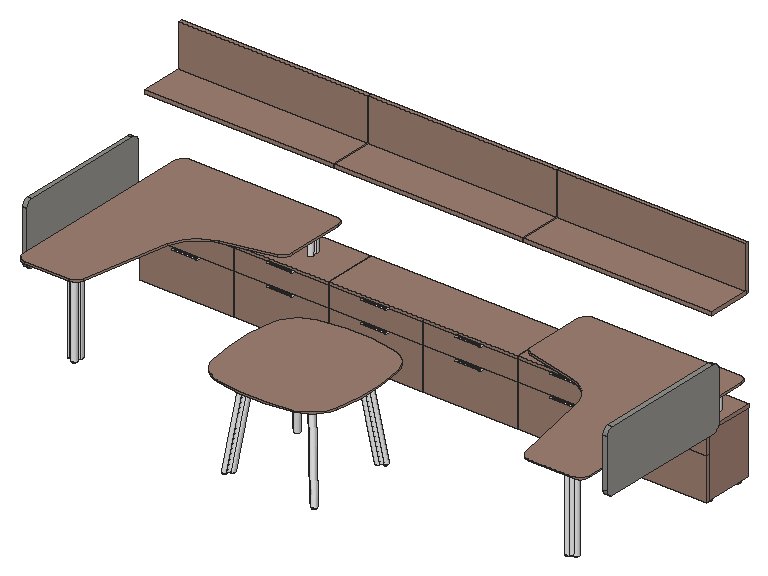
Revit family "T100136", category Furniture, Revit 2022 (continued)
Definition of nested family "APTOS SWEEP ELEVATED RUNOFF WORKSURFACE LEFT - WOOD TOP for 18D Cabinets"
  Forms (in)
    Extrusion 1, solid, material <- "Table Material", visible <- "34-6646SWTEL"
      sketch origin (0, 0, 0) x (1, 0, 0) y (0, 1, 0)
        loop
          arc (-9.01253, -3.32799) -> (-10.06759, -1.65301) -> (-11.93633, -0.99989) r 3
      from 28.3125 to 29.5
    Sweep 2, void
      path in 3D
        loop
          arc (32.9997, -44.00011, 28.3125) -> (32.12102, -46.12143, 28.3125) -> (29.9997, -47.00011, 28.3125) r 3
          line (29.9997, -47.00011, 28.3125) -> (-30, -47.00011, 28.3125)
          arc (-30, -47.00011, 28.3125) -> (-32.12132, -46.12143, 28.3125) -> (-33, -44.00011, 28.3125) r 3
          line (-33, -44.00011, 28.3125) -> (-33, -3.99989, 28.3125)
          arc (-33, -3.99989, 28.3125) -> (-32.12132, -1.87857, 28.3125) -> (-30, -0.99989, 28.3125) r 3
          line (-30, -0.99989, 28.3125) -> (-11.93633, -0.99989, 28.3125)
          arc (-11.93633, -0.99989, 28.3125) -> (-10.06759, -1.65301, 28.3125) -> (-9.01253, -3.32799, 28.3125) r 3
          line (-9.01253, -3.32799, 28.3125) -> (-6.80757, -12.92304, 28.3125)
          arc (-6.80757, -12.92304, 28.3125) -> (-3.42015, -18.89464, 28.3125) -> (2.68659, -22.03188, 28.3125) r 12
          line (2.68659, -22.03188, 28.3125) -> (30.54995, -27.2307, 28.3125)
          arc (30.54995, -27.2307, 28.3125) -> (32.30738, -28.26287, 28.3125) -> (32.9997, -30.1798, 28.3125) r 3
          line (32.9997, -30.1798, 28.3125) -> (32.9997, -44.00011, 28.3125)
      profile origin (32.9997, -37.08996, 28.3125) x (-1, 0, 0) y (0, 0, -1)
        loop
          line (0, 0) -> (0, -0.6875) -> (2, 0) -> (0, 0)
    Extrusion 3, solid, material <- "Table Material", visible <- "34-6646SWTEL", not visible
      sketch origin (0, 0, 0) x (1, 0, 0) y (0, 1, 0)
        loop
          line (-11.93633, -0.99989) -> (-30, -0.99989)
          arc (-30, -0.99989) -> (-32.12132, -1.87857) -> (-33, -3.99989) r 3
          line (-33, -3.99989) -> (-33, -44.00011)
          arc (-33, -44.00011) -> (-32.12132, -46.12143) -> (-30, -47.00011) r 3
          line (-30, -47.00011) -> (29.9997, -47.00011)
          arc (29.9997, -47.00011) -> (32.12102, -46.12143) -> (32.9997, -44.00011) r 3
          line (32.9997, -44.00011) -> (32.9997, -30.1798)
          arc (32.9997, -30.1798) -> (32.30738, -28.26287) -> (30.54995, -27.2307) r 3
          line (30.54995, -27.2307) -> (2.68659, -22.03188)
          arc (2.68659, -22.03188) -> (-3.42015, -18.89464) -> (-6.80757, -12.92304) r 12
          line (-6.80757, -12.92304) -> (-9.01253, -3.32799)
          arc (-9.01253, -3.32799) -> (-10.06759, -1.65301) -> (-11.93633, -0.99989) r 3
      from 28.3125 to 29.5
    Sweep 4, void, not visible
      path in 3D
        loop
          arc (32.9997, -44.00011, 28.3125) -> (32.12102, -46.12143, 28.3125) -> (29.9997, -47.00011, 28.3125) r 3
          line (29.9997, -47.00011, 28.3125) -> (-30, -47.00011, 28.3125)
          arc (-30, -47.00011, 28.3125) -> (-32.12132, -46.12143, 28.3125) -> (-33, -44.00011, 28.3125) r 3
          line (-33, -44.00011, 28.3125) -> (-33, -3.99989, 28.3125)
          arc (-33, -3.99989, 28.3125) -> (-32.12132, -1.87857, 28.3125) -> (-30, -0.99989, 28.3125) r 3
          line (-30, -0.99989, 28.3125) -> (-11.93633, -0.99989, 28.3125)
          arc (-11.93633, -0.99989, 28.3125) -> (-10.06759, -1.65301, 28.3125) -> (-9.01253, -3.32799, 28.3125) r 3
          line (-9.01253, -3.32799, 28.3125) -> (-6.80757, -12.92304, 28.3125)
          arc (-6.80757, -12.92304, 28.3125) -> (-3.42015, -18.89464, 28.3125) -> (2.68659, -22.03188, 28.3125) r 12
          line (2.68659, -22.03188, 28.3125) -> (30.54995, -27.2307, 28.3125)
          arc (30.54995, -27.2307, 28.3125) -> (32.30738, -28.26287, 28.3125) -> (32.9997, -30.1798, 28.3125) r 3
          line (32.9997, -30.1798, 28.3125) -> (32.9997, -44.00011, 28.3125)
      profile origin (32.9997, -37.08996, 28.3125) x (-1, 0, 0) y (0, 0, -1)
        loop
          line (0, 0) -> (0, -0.6875) -> (2, 0) -> (0, 0)
    Extrusion 5, solid, material <- "Table Material", visible <- "34-6652SWTEL"
      sketch origin (0, 0, 0) x (1, 0, 0) y (0, 1, 0)
        loop
          line (-33, -0.99989) -> (-33, -47.00011)
          arc (-33, -47.00011) -> (-32.12132, -49.12143) -> (-30, -50.00011) r 3
          line (-30, -50.00011) -> (29.9997, -50.00011)
          arc (29.9997, -50.00011) -> (32.12102, -49.12143) -> (32.9997, -47.00011) r 3
          line (32.9997, -47.00011) -> (32.9997, -33.1816)
          arc (32.9997, -33.1816) -> (32.31741, -31.27682) -> (30.58089, -30.23844) r 3
          line (30.58089, -30.23844) -> (4.0634, -25.00205)
          arc (4.0634, -25.00205) -> (-1.93262, -21.87607) -> (-5.28656, -16.00453) r 12
          line (-5.28656, -16.00453) -> (-9.01817, -0.3061)
          arc (-9.01817, -0.3061) -> (-10.07692, 1.35398) -> (-11.93684, 2.00011) r 3
          line (-11.93684, 2.00011) -> (-30, 2.00011)
          arc (-30, 2.00011) -> (-32.12132, 1.12143) -> (-33, -0.99989) r 3
      from 28.3125 to 29.5
    Sweep 6, void
      path in 3D
        loop
          arc (-30, 2.00011, 29.5) -> (-32.12132, 1.12143, 29.5) -> (-33, -0.99989, 29.5) r 3
          line (-33, -0.99989, 29.5) -> (-33, -47.00011, 29.5)
          arc (-33, -47.00011, 29.5) -> (-32.12132, -49.12143, 29.5) -> (-30, -50.00011, 29.5) r 3
          line (-30, -50.00011, 29.5) -> (29.9997, -50.00011, 29.5)
          arc (29.9997, -50.00011, 29.5) -> (32.12102, -49.12143, 29.5) -> (32.9997, -47.00011, 29.5) r 3
          line (32.9997, -47.00011, 29.5) -> (32.9997, -33.1816, 29.5)
          arc (32.9997, -33.1816, 29.5) -> (32.31741, -31.27682, 29.5) -> (30.58089, -30.23844, 29.5) r 3
          line (30.58089, -30.23844, 29.5) -> (4.0634, -25.00205, 29.5)
          arc (4.0634, -25.00205, 29.5) -> (-1.93262, -21.87607, 29.5) -> (-5.28656, -16.00453, 29.5) r 12
          line (-5.28656, -16.00453, 29.5) -> (-9.01817, -0.3061, 29.5)
          arc (-9.01817, -0.3061, 29.5) -> (-10.07692, 1.35398, 29.5) -> (-11.93684, 2.00011, 29.5) r 3
          line (-11.93684, 2.00011, 29.5) -> (-30, 2.00011, 29.5)
      profile origin (-20.96842, 2.00011, 29.5) x (0, -1, 0) y (0, 0, 1)
        loop
          line (0, -1.1875) -> (2, -1.1875) -> (0, -0.5) -> (0, -1.1875)
    Extrusion 7, solid, material <- "Table Material", visible <- "34-6652SWTEL", not visible
      sketch origin (0, 0, 0) x (1, 0, 0) y (0, 1, 0)
        loop
          line (-33, -0.99989) -> (-33, -47.00011)
          arc (-33, -47.00011) -> (-32.12132, -49.12143) -> (-30, -50.00011) r 3
          line (-30, -50.00011) -> (29.9997, -50.00011)
          arc (29.9997, -50.00011) -> (32.12102, -49.12143) -> (32.9997, -47.00011) r 3
          line (32.9997, -47.00011) -> (32.9997, -33.1816)
          arc (32.9997, -33.1816) -> (32.31741, -31.27682) -> (30.58089, -30.23844) r 3
          line (30.58089, -30.23844) -> (4.0634, -25.00205)
          arc (4.0634, -25.00205) -> (-1.93262, -21.87607) -> (-5.28656, -16.00453) r 12
          line (-5.28656, -16.00453) -> (-9.01817, -0.3061)
          arc (-9.01817, -0.3061) -> (-10.07692, 1.35398) -> (-11.93684, 2.00011) r 3
          line (-11.93684, 2.00011) -> (-30, 2.00011)
          arc (-30, 2.00011) -> (-32.12132, 1.12143) -> (-33, -0.99989) r 3
      from 28.3125 to 29.5
    Sweep 8, void, not visible
      path in 3D
        loop
          arc (-30, 2.00011, 29.5) -> (-32.12132, 1.12143, 29.5) -> (-33, -0.99989, 29.5) r 3
          line (-33, -0.99989, 29.5) -> (-33, -47.00011, 29.5)
          arc (-33, -47.00011, 29.5) -> (-32.12132, -49.12143, 29.5) -> (-30, -50.00011, 29.5) r 3
          line (-30, -50.00011, 29.5) -> (29.9997, -50.00011, 29.5)
          arc (29.9997, -50.00011, 29.5) -> (32.12102, -49.12143, 29.5) -> (32.9997, -47.00011, 29.5) r 3
          line (32.9997, -47.00011, 29.5) -> (32.9997, -33.1816, 29.5)
          arc (32.9997, -33.1816, 29.5) -> (32.31741, -31.27682, 29.5) -> (30.58089, -30.23844, 29.5) r 3
          line (30.58089, -30.23844, 29.5) -> (4.0634, -25.00205, 29.5)
          arc (4.0634, -25.00205, 29.5) -> (-1.93262, -21.87607, 29.5) -> (-5.28656, -16.00453, 29.5) r 12
          line (-5.28656, -16.00453, 29.5) -> (-9.01817, -0.3061, 29.5)
          arc (-9.01817, -0.3061, 29.5) -> (-10.07692, 1.35398, 29.5) -> (-11.93684, 2.00011, 29.5) r 3
          line (-11.93684, 2.00011, 29.5) -> (-30, 2.00011, 29.5)
      profile origin (-20.96842, 2.00011, 29.5) x (0, -1, 0) y (0, 0, 1)
        loop
          line (0, -1.1875) -> (2, -1.1875) -> (0, -0.5) -> (0, -1.1875)
    Extrusion 9, solid, material <- "Table Material", visible <- "34-6658SWTEL"
      sketch origin (0, 0, 0) x (1, 0, 0) y (0, 1, 0)
        loop
          line (-5.38443, -15.56872) -> (-8.99356, 2.58509)
          arc (-8.99356, 2.58509) -> (-10.03268, 4.31905) -> (-11.93598, 5.00011) r 3
          line (-11.93598, 5.00011) -> (-30, 5.00011)
          arc (-30, 5.00011) -> (-32.12132, 4.12143) -> (-33, 2.00011) r 3
          line (-33, 2.00011) -> (-33, -50.00011)
          arc (-33, -50.00011) -> (-32.12132, -52.12143) -> (-30, -53.00011) r 3
          line (-30, -53.00011) -> (29.9997, -53.00011)
          arc (29.9997, -53.00011) -> (32.12102, -52.12143) -> (32.9997, -50.00011) r 3
          line (32.9997, -50.00011) -> (32.9997, -33.1816)
          arc (32.9997, -33.1816) -> (32.31741, -31.27682) -> (30.58089, -30.23844) r 3
          line (30.58089, -30.23844) -> (4.06049, -25.00147)
          arc (4.06049, -25.00147) -> (-2.09458, -21.71956) -> (-5.38443, -15.56872) r 12
      from 28.3125 to 29.5
    Sweep 10, void
      path in 3D
        loop
          arc (32.9997, -33.1816, 29.5) -> (32.31741, -31.27682, 29.5) -> (30.58089, -30.23844, 29.5) r 3
          line (30.58089, -30.23844, 29.5) -> (4.06049, -25.00147, 29.5)
          arc (4.06049, -25.00147, 29.5) -> (-2.09458, -21.71956, 29.5) -> (-5.38443, -15.56872, 29.5) r 12
          line (-5.38443, -15.56872, 29.5) -> (-8.99356, 2.58509, 29.5)
          arc (-8.99356, 2.58509, 29.5) -> (-10.03268, 4.31905, 29.5) -> (-11.93598, 5.00011, 29.5) r 3
          line (-11.93598, 5.00011, 29.5) -> (-30, 5.00011, 29.5)
          arc (-30, 5.00011, 29.5) -> (-32.12132, 4.12143, 29.5) -> (-33, 2.00011, 29.5) r 3
          line (-33, 2.00011, 29.5) -> (-33, -50.00011, 29.5)
          arc (-33, -50.00011, 29.5) -> (-32.12132, -52.12143, 29.5) -> (-30, -53.00011, 29.5) r 3
          line (-30, -53.00011, 29.5) -> (29.9997, -53.00011, 29.5)
          arc (29.9997, -53.00011, 29.5) -> (32.12102, -52.12143, 29.5) -> (32.9997, -50.00011, 29.5) r 3
          line (32.9997, -50.00011, 29.5) -> (32.9997, -33.1816, 29.5)
      profile origin (32.9997, -41.59086, 29.5) x (-1, 0, 0) y (0, 0, 1)
        loop
          line (0, -0.5) -> (0, -1.1875) -> (2, -1.1875) -> (0, -0.5)
    Extrusion 11, solid, material <- "Table Material", visible <- "34-6658SWTEL", not visible
      sketch origin (0, 0, 0) x (1, 0, 0) y (0, 1, 0)
        loop
          line (-5.38443, -15.56872) -> (-8.99356, 2.58509)
          arc (-8.99356, 2.58509) -> (-10.03268, 4.31905) -> (-11.93598, 5.00011) r 3
          line (-11.93598, 5.00011) -> (-30, 5.00011)
          arc (-30, 5.00011) -> (-32.12132, 4.12143) -> (-33, 2.00011) r 3
          line (-33, 2.00011) -> (-33, -50.00011)
          arc (-33, -50.00011) -> (-32.12132, -52.12143) -> (-30, -53.00011) r 3
          line (-30, -53.00011) -> (29.9997, -53.00011)
          arc (29.9997, -53.00011) -> (32.12102, -52.12143) -> (32.9997, -50.00011) r 3
          line (32.9997, -50.00011) -> (32.9997, -33.1816)
          arc (32.9997, -33.1816) -> (32.31741, -31.27682) -> (30.58089, -30.23844) r 3
          line (30.58089, -30.23844) -> (4.06049, -25.00147)
          arc (4.06049, -25.00147) -> (-2.09458, -21.71956) -> (-5.38443, -15.56872) r 12
      from 28.3125 to 29.5
    Sweep 12, void, not visible
      path in 3D
        loop
          arc (32.9997, -33.1816, 29.5) -> (32.31741, -31.27682, 29.5) -> (30.58089, -30.23844, 29.5) r 3
          line (30.58089, -30.23844, 29.5) -> (4.06049, -25.00147, 29.5)
          arc (4.06049, -25.00147, 29.5) -> (-2.09458, -21.71956, 29.5) -> (-5.38443, -15.56872, 29.5) r 12
          line (-5.38443, -15.56872, 29.5) -> (-8.99356, 2.58509, 29.5)
          arc (-8.99356, 2.58509, 29.5) -> (-10.03268, 4.31905, 29.5) -> (-11.93598, 5.00011, 29.5) r 3
          line (-11.93598, 5.00011, 29.5) -> (-30, 5.00011, 29.5)
          arc (-30, 5.00011, 29.5) -> (-32.12132, 4.12143, 29.5) -> (-33, 2.00011, 29.5) r 3
          line (-33, 2.00011, 29.5) -> (-33, -50.00011, 29.5)
          arc (-33, -50.00011, 29.5) -> (-32.12132, -52.12143, 29.5) -> (-30, -53.00011, 29.5) r 3
          line (-30, -53.00011, 29.5) -> (29.9997, -53.00011, 29.5)
          arc (29.9997, -53.00011, 29.5) -> (32.12102, -52.12143, 29.5) -> (32.9997, -50.00011, 29.5) r 3
          line (32.9997, -50.00011, 29.5) -> (32.9997, -33.1816, 29.5)
      profile origin (32.9997, -41.59086, 29.5) x (-1, 0, 0) y (0, 0, 1)
        loop
          line (0, -0.5) -> (0, -1.1875) -> (2, -1.1875) -> (0, -0.5)
  Cuts and joins
    Sweep 2 cuts Extrusion 1
    Sweep 6 cuts Extrusion 5
    Sweep 10 cuts Extrusion 9
  Lines and regions (in)
    sketch lines
      curve 1: line (32.9997, -30.1798, 28.3125) -> (32.9997, -44.00011, 28.3125)
      curve 2: arc (32.9997, -30.1798, 28.3125) -> (32.30738, -28.26287, 28.3125) -> (30.54995, -27.2307, 28.3125) r 3
      curve 3: line (2.68659, -22.03188, 28.3125) -> (30.54995, -27.2307, 28.3125)
      curve 4: arc (2.68659, -22.03188, 28.3125) -> (-3.42015, -18.89464, 28.3125) -> (-6.80757, -12.92304, 28.3125) r 12
      curve 5: line (-9.01253, -3.32799, 28.3125) -> (-6.80757, -12.92304, 28.3125)
      curve 6: arc (-9.01253, -3.32799, 28.3125) -> (-10.06759, -1.65301, 28.3125) -> (-11.93633, -0.99989, 28.3125) r 3
      curve 7: line (-30, -0.99989, 28.3125) -> (-11.93633, -0.99989, 28.3125)
      curve 8: arc (-30, -0.99989, 28.3125) -> (-32.12132, -1.87857, 28.3125) -> (-33, -3.99989, 28.3125) r 3
      curve 9: line (-33, -44.00011, 28.3125) -> (-33, -3.99989, 28.3125)
      curve 10: arc (-33, -44.00011, 28.3125) -> (-32.12132, -46.12143, 28.3125) -> (-30, -47.00011, 28.3125) r 3
      curve 11: line (29.9997, -47.00011, 28.3125) -> (-30, -47.00011, 28.3125)
      curve 12: arc (29.9997, -47.00011, 28.3125) -> (32.12102, -46.12143, 28.3125) -> (32.9997, -44.00011, 28.3125) r 3
      curve 25: line (-11.93684, 2.00011, 29.5) -> (-30, 2.00011, 29.5)
      curve 26: arc (-33, -0.99989, 29.5) -> (-32.12132, 1.12143, 29.5) -> (-30, 2.00011, 29.5) r 3
      curve 27: line (-33, -0.99989, 29.5) -> (-33, -47.00011, 29.5)
      curve 28: arc (-30, -50.00011, 29.5) -> (-32.12132, -49.12143, 29.5) -> (-33, -47.00011, 29.5) r 3
      curve 29: line (-30, -50.00011, 29.5) -> (29.9997, -50.00011, 29.5)
      curve 30: arc (32.9997, -47.00011, 29.5) -> (32.12102, -49.12143, 29.5) -> (29.9997, -50.00011, 29.5) r 3
      curve 31: line (32.9997, -47.00011, 29.5) -> (32.9997, -33.1816, 29.5)
      curve 32: arc (30.58089, -30.23844, 29.5) -> (32.31741, -31.27682, 29.5) -> (32.9997, -33.1816, 29.5) r 3
      curve 33: line (30.58089, -30.23844, 29.5) -> (4.0634, -25.00205, 29.5)
      curve 34: arc (-5.28656, -16.00453, 29.5) -> (-1.93262, -21.87607, 29.5) -> (4.0634, -25.00205, 29.5) r 12
      curve 35: line (-5.28656, -16.00453, 29.5) -> (-9.01817, -0.3061, 29.5)
      curve 36: arc (-11.93684, 2.00011, 29.5) -> (-10.07692, 1.35398, 29.5) -> (-9.01817, -0.3061, 29.5) r 3
      curve 49: line (32.9997, -50.00011, 29.5) -> (32.9997, -33.1816, 29.5)
      curve 50: arc (30.58089, -30.23844, 29.5) -> (32.31741, -31.27682, 29.5) -> (32.9997, -33.1816, 29.5) r 3
      curve 51: line (30.58089, -30.23844, 29.5) -> (4.06049, -25.00147, 29.5)
      curve 52: arc (-5.38443, -15.56872, 29.5) -> (-2.09458, -21.71956, 29.5) -> (4.06049, -25.00147, 29.5) r 12
      curve 53: line (-5.38443, -15.56872, 29.5) -> (-8.99356, 2.58509, 29.5)
      curve 54: arc (-11.93598, 5.00011, 29.5) -> (-10.03268, 4.31905, 29.5) -> (-8.99356, 2.58509, 29.5) r 3
      curve 55: line (-11.93598, 5.00011, 29.5) -> (-30, 5.00011, 29.5)
      curve 56: arc (-33, 2.00011, 29.5) -> (-32.12132, 4.12143, 29.5) -> (-30, 5.00011, 29.5) r 3
      curve 57: line (-33, 2.00011, 29.5) -> (-33, -50.00011, 29.5)
      curve 58: arc (-30, -53.00011, 29.5) -> (-32.12132, -52.12143, 29.5) -> (-33, -50.00011, 29.5) r 3
      curve 59: line (-30, -53.00011, 29.5) -> (29.9997, -53.00011, 29.5)
      curve 60: arc (32.9997, -50.00011, 29.5) -> (32.12102, -52.12143, 29.5) -> (29.9997, -53.00011, 29.5) r 3
    sketch lines, not visible
      curve 13: line (32.9997, -30.1798, 28.3125) -> (32.9997, -44.00011, 28.3125)
      curve 14: arc (32.9997, -30.1798, 28.3125) -> (32.30738, -28.26287, 28.3125) -> (30.54995, -27.2307, 28.3125) r 3
      curve 15: line (2.68659, -22.03188, 28.3125) -> (30.54995, -27.2307, 28.3125)
      curve 16: arc (2.68659, -22.03188, 28.3125) -> (-3.42015, -18.89464, 28.3125) -> (-6.80757, -12.92304, 28.3125) r 12
      curve 17: line (-9.01253, -3.32799, 28.3125) -> (-6.80757, -12.92304, 28.3125)
      curve 18: arc (-9.01253, -3.32799, 28.3125) -> (-10.06759, -1.65301, 28.3125) -> (-11.93633, -0.99989, 28.3125) r 3
      curve 19: line (-30, -0.99989, 28.3125) -> (-11.93633, -0.99989, 28.3125)
      curve 20: arc (-30, -0.99989, 28.3125) -> (-32.12132, -1.87857, 28.3125) -> (-33, -3.99989, 28.3125) r 3
      curve 21: line (-33, -44.00011, 28.3125) -> (-33, -3.99989, 28.3125)
      curve 22: arc (-33, -44.00011, 28.3125) -> (-32.12132, -46.12143, 28.3125) -> (-30, -47.00011, 28.3125) r 3
      curve 23: line (29.9997, -47.00011, 28.3125) -> (-30, -47.00011, 28.3125)
      curve 24: arc (29.9997, -47.00011, 28.3125) -> (32.12102, -46.12143, 28.3125) -> (32.9997, -44.00011, 28.3125) r 3
      curve 37: line (-11.93684, 2.00011, 29.5) -> (-30, 2.00011, 29.5)
      curve 38: arc (-33, -0.99989, 29.5) -> (-32.12132, 1.12143, 29.5) -> (-30, 2.00011, 29.5) r 3
      curve 39: line (-33, -0.99989, 29.5) -> (-33, -47.00011, 29.5)
      curve 40: arc (-30, -50.00011, 29.5) -> (-32.12132, -49.12143, 29.5) -> (-33, -47.00011, 29.5) r 3
      curve 41: line (-30, -50.00011, 29.5) -> (29.9997, -50.00011, 29.5)
      curve 42: arc (32.9997, -47.00011, 29.5) -> (32.12102, -49.12143, 29.5) -> (29.9997, -50.00011, 29.5) r 3
      curve 43: line (32.9997, -47.00011, 29.5) -> (32.9997, -33.1816, 29.5)
      curve 44: arc (30.58089, -30.23844, 29.5) -> (32.31741, -31.27682, 29.5) -> (32.9997, -33.1816, 29.5) r 3
      curve 45: line (30.58089, -30.23844, 29.5) -> (4.0634, -25.00205, 29.5)
      curve 46: arc (-5.28656, -16.00453, 29.5) -> (-1.93262, -21.87607, 29.5) -> (4.0634, -25.00205, 29.5) r 12
      curve 47: line (-5.28656, -16.00453, 29.5) -> (-9.01817, -0.3061, 29.5)
      curve 48: arc (-11.93684, 2.00011, 29.5) -> (-10.07692, 1.35398, 29.5) -> (-9.01817, -0.3061, 29.5) r 3
      curve 61: line (32.9997, -50.00011, 29.5) -> (32.9997, -33.1816, 29.5)
      curve 62: arc (30.58089, -30.23844, 29.5) -> (32.31741, -31.27682, 29.5) -> (32.9997, -33.1816, 29.5) r 3
      curve 63: line (30.58089, -30.23844, 29.5) -> (4.06049, -25.00147, 29.5)
      curve 64: arc (-5.38443, -15.56872, 29.5) -> (-2.09458, -21.71956, 29.5) -> (4.06049, -25.00147, 29.5) r 12
      curve 65: line (-5.38443, -15.56872, 29.5) -> (-8.99356, 2.58509, 29.5)
      curve 66: arc (-11.93598, 5.00011, 29.5) -> (-10.03268, 4.31905, 29.5) -> (-8.99356, 2.58509, 29.5) r 3
      curve 67: line (-11.93598, 5.00011, 29.5) -> (-30, 5.00011, 29.5)
      curve 68: arc (-33, 2.00011, 29.5) -> (-32.12132, 4.12143, 29.5) -> (-30, 5.00011, 29.5) r 3
      curve 69: line (-33, 2.00011, 29.5) -> (-33, -50.00011, 29.5)
      curve 70: arc (-30, -53.00011, 29.5) -> (-32.12132, -52.12143, 29.5) -> (-33, -50.00011, 29.5) r 3
      curve 71: line (-30, -53.00011, 29.5) -> (29.9997, -53.00011, 29.5)
      curve 72: arc (32.9997, -50.00011, 29.5) -> (32.12102, -52.12143, 29.5) -> (29.9997, -53.00011, 29.5) r 3
  Dimensions and locks (in)
    "Height": plane 7 "Height Top" to plane 8
    "Bottom Board Offset": plane 8 to level
    "Depth": plane 5 "Front End" to plane 1 "Back End"
    equal spacing: plane 4 "Left End", plane 3 "Center Left/Right", plane 6 "Right End"
    "Width": plane 4 "Left End" to plane 6 "Right End"
    equal spacing: plane 5 "Front End", plane 9 "Center Front/Back", plane 1 "Back End"
    aligned and locked: level to plane 2
    aligned and locked: plane 7 "Height Top" to Extrusion 1
    aligned and locked: Extrusion 1 to plane 8
    aligned and locked: plane 7 "Height Top" to Extrusion 5
    aligned and locked: Extrusion 5 to plane 8
    aligned and locked: plane 7 "Height Top" to Extrusion 9
    aligned and locked: Extrusion 9 to plane 8
  Automatic sketch dimensions
    Extrusion 1 sketch curve to Extrusion 1 sketch curve = 2.92379"
    Extrusion 1 sketch curve to Extrusion 1 sketch curve = 3"  (x4)
    Extrusion 1 sketch curve to Extrusion 1 sketch curve = 9.59505"
    Sweep 2 sketch curve to profile plane = 0"  (x2)
    Sweep 2 sketch curve to profile plane = 2"
    Sweep 2 sketch curve to profile plane = 11/16"
    Extrusion 1 sketch curve to Extrusion 1 sketch curve = 18.06367"
    Extrusion 1 sketch curve to Extrusion 1 sketch curve = 2.20497"
    Extrusion 1 sketch curve to Extrusion 1 sketch curve = 9.49416"
    Extrusion 1 sketch curve to Extrusion 1 sketch curve = 27.31311"
    Extrusion 1 sketch curve to Extrusion 1 sketch curve = 0.55025"
    Extrusion 1 sketch curve to Extrusion 1 sketch curve = 11.69517"
    Extrusion 1 sketch curve to Extrusion 1 sketch curve = 13 105/128"
    Extrusion 1 sketch curve to Extrusion 1 sketch curve = 5.19882"
    Extrusion 1 sketch curve to Extrusion 1 sketch curve = 9.10884"
    Extrusion 1 sketch curve to Extrusion 1 sketch curve = 43/64"
    Extrusion 3 sketch curve to Extrusion 3 sketch curve = 2.92379"
    Extrusion 3 sketch curve to Extrusion 3 sketch curve = 3"  (x4)
    Extrusion 3 sketch curve to Extrusion 3 sketch curve = 9.59505"
    Sweep 4 sketch curve to profile plane = 0"  (x2)
    Sweep 4 sketch curve to profile plane = 2"
    Sweep 4 sketch curve to profile plane = 11/16"
    Extrusion 3 sketch curve to Extrusion 3 sketch curve = 18.06367"
    Extrusion 3 sketch curve to Extrusion 3 sketch curve = 2.20497"
    Extrusion 3 sketch curve to Extrusion 3 sketch curve = 9.49416"
    Extrusion 3 sketch curve to Extrusion 3 sketch curve = 27.31311"
    Extrusion 3 sketch curve to Extrusion 3 sketch curve = 0.55025"
    Extrusion 3 sketch curve to Extrusion 3 sketch curve = 11.69517"
    Extrusion 3 sketch curve to Extrusion 3 sketch curve = 13 105/128"
    Extrusion 3 sketch curve to Extrusion 3 sketch curve = 5.19882"
    Extrusion 3 sketch curve to Extrusion 3 sketch curve = 9.10884"
    Extrusion 3 sketch curve to Extrusion 3 sketch curve = 43/64"
    Extrusion 5 sketch curve to Extrusion 5 sketch curve = 2.91867"
    Extrusion 5 sketch curve to Extrusion 5 sketch curve = 3"  (x4)
    Sweep 6 sketch curve to profile plane = 0"
    Sweep 6 sketch curve to profile plane = 1 3/16"
    Sweep 6 sketch curve to profile plane = 2"
    Sweep 6 sketch curve to profile plane = 1/2"
    Extrusion 5 sketch curve to Extrusion 5 sketch curve = 18.06315"
    Extrusion 5 sketch curve to Extrusion 5 sketch curve = 3.73161"
    Extrusion 5 sketch curve to Extrusion 5 sketch curve = 9.34996"
    Extrusion 5 sketch curve to Extrusion 5 sketch curve = 25.9363"
    Extrusion 5 sketch curve to Extrusion 5 sketch curve = 0.58119"
    Extrusion 5 sketch curve to Extrusion 5 sketch curve = 11.6747"
    Extrusion 5 sketch curve to Extrusion 5 sketch curve = 13.81851"
    Extrusion 5 sketch curve to Extrusion 5 sketch curve = 5.23639"
    Extrusion 5 sketch curve to Extrusion 5 sketch curve = 8.99752"
    Extrusion 5 sketch curve to Extrusion 5 sketch curve = 15.00464"
    Extrusion 5 sketch curve to Extrusion 5 sketch curve = 2.30621"
    Extrusion 7 sketch curve to Extrusion 7 sketch curve = 2.91867"
    Extrusion 7 sketch curve to Extrusion 7 sketch curve = 3"  (x4)
    Sweep 8 sketch curve to profile plane = 0"
    Sweep 8 sketch curve to profile plane = 1 3/16"
    Sweep 8 sketch curve to profile plane = 2"
    Sweep 8 sketch curve to profile plane = 1/2"
    Extrusion 7 sketch curve to Extrusion 7 sketch curve = 18.06315"
    Extrusion 7 sketch curve to Extrusion 7 sketch curve = 3.73161"
    Extrusion 7 sketch curve to Extrusion 7 sketch curve = 9.34996"
    Extrusion 7 sketch curve to Extrusion 7 sketch curve = 25.9363"
    Extrusion 7 sketch curve to Extrusion 7 sketch curve = 0.58119"
    Extrusion 7 sketch curve to Extrusion 7 sketch curve = 11.6747"
    Extrusion 7 sketch curve to Extrusion 7 sketch curve = 13.81851"
    Extrusion 7 sketch curve to Extrusion 7 sketch curve = 5.23639"
    Extrusion 7 sketch curve to Extrusion 7 sketch curve = 8.99752"
    Extrusion 7 sketch curve to Extrusion 7 sketch curve = 15.00464"
    Extrusion 7 sketch curve to Extrusion 7 sketch curve = 2.30621"
    Extrusion 9 sketch curve to Extrusion 9 sketch curve = 2.94241"
    Extrusion 9 sketch curve to Extrusion 9 sketch curve = 0.58118"
    Sweep 10 sketch curve to profile plane = 1 3/16"
    Sweep 10 sketch curve to profile plane = 0"
    Sweep 10 sketch curve to profile plane = 2"
    Sweep 10 sketch curve to profile plane = 1/2"
    Extrusion 9 sketch curve to Extrusion 9 sketch curve = 3"  (x3)
    Extrusion 9 sketch curve to Extrusion 9 sketch curve = 18.06402"
    Extrusion 9 sketch curve to Extrusion 9 sketch curve = 3.60914"
    Extrusion 9 sketch curve to Extrusion 9 sketch curve = 9.44492"
    Extrusion 9 sketch curve to Extrusion 9 sketch curve = 25.93921"
    Extrusion 9 sketch curve to Extrusion 9 sketch curve = 0.58119"
    Extrusion 9 sketch curve to Extrusion 9 sketch curve = 11.76966"
    Extrusion 9 sketch curve to Extrusion 9 sketch curve = 16.81851"
    Extrusion 9 sketch curve to Extrusion 9 sketch curve = 5.23697"
    Extrusion 9 sketch curve to Extrusion 9 sketch curve = 9.43275"
    Extrusion 9 sketch curve to Extrusion 9 sketch curve = 17.56883"
    Extrusion 9 sketch curve to Extrusion 9 sketch curve = 2.41502"
    Extrusion 11 sketch curve to Extrusion 11 sketch curve = 2.94241"
    Extrusion 11 sketch curve to Extrusion 11 sketch curve = 0.58118"
    Sweep 12 sketch curve to profile plane = 1 3/16"
    Sweep 12 sketch curve to profile plane = 0"
    Sweep 12 sketch curve to profile plane = 2"
    Sweep 12 sketch curve to profile plane = 1/2"
    Extrusion 11 sketch curve to Extrusion 11 sketch curve = 3"  (x3)
    Extrusion 11 sketch curve to Extrusion 11 sketch curve = 18.06402"
    Extrusion 11 sketch curve to Extrusion 11 sketch curve = 3.60914"
    Extrusion 11 sketch curve to Extrusion 11 sketch curve = 9.44492"
    Extrusion 11 sketch curve to Extrusion 11 sketch curve = 25.93921"
    Extrusion 11 sketch curve to Extrusion 11 sketch curve = 0.58119"
    Extrusion 11 sketch curve to Extrusion 11 sketch curve = 11.76966"
    Extrusion 11 sketch curve to Extrusion 11 sketch curve = 16.81851"
    Extrusion 11 sketch curve to Extrusion 11 sketch curve = 5.23697"
    Extrusion 11 sketch curve to Extrusion 11 sketch curve = 9.43275"
    Extrusion 11 sketch curve to Extrusion 11 sketch curve = 17.56883"
    Extrusion 11 sketch curve to Extrusion 11 sketch curve = 2.41502"
Definition of nested family "APTOS SWEEP ELEVATED RUNOFF WORKSURFACE RIGHT - WOOD TOP for 18D Cabinets"
  Parameters
    Width = 66"
    URL = "http://ofsbrands.com"
    Table Material = none
    Depth = 46"
    Model = "34-6646SWTER"
    Manufacturer = "OFS"
    Height = 1 3/16"
    Description = "OFS BRANDS OFS APTOS SWEEP ELEVATED RUNOFF WORKSURFACE 66\" x 46\" RIGHT OPEN END - WOOD TOP, 1.1875\" thick Solid Surface Worksurface"
    Default Elevation = 0"
    Copyright © = "© OFS BRANDS 2017"
    Catalog = "APTOS http://ofsbrands.com/products/casegoods/private-office/aptos"
    Bottom Board Offset = 28 5/16"
    Authoring Version = "Autodesk Revit Architecture 2013"
    Assembly Code = "E2020200"
    34-6658SWTERC = no
    34-6652SWTERC = no
    34-6646SWTERC = yes
  Reference planes (in)
    plane 1 "Back End": y = -1
    plane 2: z = 0
    plane 3 "Center Left/Right": x = 0
    plane 4 "Left End": x = -33
    plane 5 "Front End": y = -47
    plane 6 "Right End": x = 33
    plane 7 "Height Top": z = 29.5
    plane 8: z = 28.3125
    plane 9 "Center Front/Back": y = -24
  Forms (in)
    Extrusion 1, solid, material <- "Table Material", visible <- "34-6646SWTERC"
      sketch origin (0, 0, 0) x (1, 0, 0) y (0, 1, 0)
        loop
          arc (6.80757, -12.92304) -> (3.42015, -18.89464) -> (-2.68659, -22.03188) r 12
          line (-2.68659, -22.03188) -> (-30.54995, -27.2307)
          arc (-30.54995, -27.2307) -> (-32.30738, -28.26287) -> (-32.9997, -30.1798) r 3
          line (-32.9997, -30.1798) -> (-32.9997, -44.00011)
          arc (-32.9997, -44.00011) -> (-32.12102, -46.12143) -> (-29.9997, -47.00011) r 3
          line (-29.9997, -47.00011) -> (30, -47.00011)
          arc (30, -47.00011) -> (32.12132, -46.12143) -> (33, -44.00011) r 3
          line (33, -44.00011) -> (33, -3.99989)
          arc (33, -3.99989) -> (32.12132, -1.87857) -> (30, -0.99989) r 3
          line (30, -0.99989) -> (11.93633, -0.99989)
          arc (11.93633, -0.99989) -> (10.06759, -1.65301) -> (9.01253, -3.32799) r 3
          line (9.01253, -3.32799) -> (6.80757, -12.92304)
      from 28.3125 to 29.5
    Sweep 2, void
      path in 3D
        loop
          arc (33, -3.99989, 29.5) -> (32.12132, -1.87857, 29.5) -> (30, -0.99989, 29.5) r 3
          line (30, -0.99989, 29.5) -> (11.93633, -0.99989, 29.5)
          arc (11.93633, -0.99989, 29.5) -> (10.06759, -1.65301, 29.5) -> (9.01253, -3.32799, 29.5) r 3
          line (9.01253, -3.32799, 29.5) -> (6.80757, -12.92304, 29.5)
          arc (6.80757, -12.92304, 29.5) -> (3.42015, -18.89464, 29.5) -> (-2.68659, -22.03188, 29.5) r 12
          line (-2.68659, -22.03188, 29.5) -> (-30.54995, -27.2307, 29.5)
          arc (-30.54995, -27.2307, 29.5) -> (-32.30738, -28.26287, 29.5) -> (-32.9997, -30.1798, 29.5) r 3
          line (-32.9997, -30.1798, 29.5) -> (-32.9997, -44.00011, 29.5)
          arc (-32.9997, -44.00011, 29.5) -> (-32.12102, -46.12143, 29.5) -> (-29.9997, -47.00011, 29.5) r 3
          line (-29.9997, -47.00011, 29.5) -> (30, -47.00011, 29.5)
          arc (30, -47.00011, 29.5) -> (32.12132, -46.12143, 29.5) -> (33, -44.00011, 29.5) r 3
          line (33, -44.00011, 29.5) -> (33, -3.99989, 29.5)
      profile origin (33, -24, 29.5) x (-1, 0, 0) y (0, 0, 1)
        loop
          line (0, -1.1875) -> (2, -1.1875) -> (0, -0.4375) -> (0, -1.1875)
    Extrusion 3, solid, material <- "Table Material", visible <- "34-6646SWTERC", not visible
      sketch origin (0, -100, 0) x (1, 0, 0) y (0, 1, 0)
        loop
          arc (6.80757, -12.92304) -> (3.42015, -18.89464) -> (-2.68659, -22.03188) r 12
          line (-2.68659, -22.03188) -> (-30.54995, -27.2307)
          arc (-30.54995, -27.2307) -> (-32.30738, -28.26287) -> (-32.9997, -30.1798) r 3
          line (-32.9997, -30.1798) -> (-32.9997, -44.00011)
          arc (-32.9997, -44.00011) -> (-32.12102, -46.12143) -> (-29.9997, -47.00011) r 3
          line (-29.9997, -47.00011) -> (30, -47.00011)
          arc (30, -47.00011) -> (32.12132, -46.12143) -> (33, -44.00011) r 3
          line (33, -44.00011) -> (33, -3.99989)
          arc (33, -3.99989) -> (32.12132, -1.87857) -> (30, -0.99989) r 3
          line (30, -0.99989) -> (11.93633, -0.99989)
          arc (11.93633, -0.99989) -> (10.06759, -1.65301) -> (9.01253, -3.32799) r 3
          line (9.01253, -3.32799) -> (6.80757, -12.92304)
      from 28.3125 to 29.5
    Sweep 4, void, not visible
      path in 3D
        loop
          arc (33, -103.99989, 29.5) -> (32.12132, -101.87857, 29.5) -> (30, -100.99989, 29.5) r 3
          line (30, -100.99989, 29.5) -> (11.93633, -100.99989, 29.5)
          arc (11.93633, -100.99989, 29.5) -> (10.06759, -101.65301, 29.5) -> (9.01253, -103.32799, 29.5) r 3
          line (9.01253, -103.32799, 29.5) -> (6.80757, -112.92304, 29.5)
          arc (6.80757, -112.92304, 29.5) -> (3.42015, -118.89464, 29.5) -> (-2.68659, -122.03188, 29.5) r 12
          line (-2.68659, -122.03188, 29.5) -> (-30.54995, -127.2307, 29.5)
          arc (-30.54995, -127.2307, 29.5) -> (-32.30738, -128.26287, 29.5) -> (-32.9997, -130.1798, 29.5) r 3
          line (-32.9997, -130.1798, 29.5) -> (-32.9997, -144.00011, 29.5)
          arc (-32.9997, -144.00011, 29.5) -> (-32.12102, -146.12143, 29.5) -> (-29.9997, -147.00011, 29.5) r 3
          line (-29.9997, -147.00011, 29.5) -> (30, -147.00011, 29.5)
          arc (30, -147.00011, 29.5) -> (32.12132, -146.12143, 29.5) -> (33, -144.00011, 29.5) r 3
          line (33, -144.00011, 29.5) -> (33, -103.99989, 29.5)
      profile origin (33, -124, 29.5) x (-1, 0, 0) y (0, 0, 1)
        loop
          line (0, -1.1875) -> (2, -1.1875) -> (0, -0.4375) -> (0, -1.1875)
    Extrusion 5, solid, material <- "Table Material", visible <- "34-6652SWTERC"
      sketch origin (0, 0, 0) x (-1, 0, 0) y (0, -1, 0)
        loop
          arc (-5.28656, 16.00453) -> (-1.93262, 21.87607) -> (4.0634, 25.00205) r 12
          line (4.0634, 25.00205) -> (30.58089, 30.23844)
          arc (30.58089, 30.23844) -> (32.31741, 31.27682) -> (32.9997, 33.1816) r 3
          line (32.9997, 33.1816) -> (32.9997, 47.00011)
          arc (32.9997, 47.00011) -> (32.12102, 49.12143) -> (29.9997, 50.00011) r 3
          line (29.9997, 50.00011) -> (-30, 50.00011)
          arc (-30, 50.00011) -> (-32.12132, 49.12143) -> (-33, 47.00011) r 3
          line (-33, 47.00011) -> (-33, 0.99989)
          arc (-33, 0.99989) -> (-32.12132, -1.12143) -> (-30, -2.00011) r 3
          line (-30, -2.00011) -> (-11.93684, -2.00011)
          arc (-11.93684, -2.00011) -> (-10.07692, -1.35398) -> (-9.01817, 0.3061) r 3
          line (-9.01817, 0.3061) -> (-5.28656, 16.00453)
      from 28.3125 to 29.5
    Sweep 6, void
      path in 3D
        loop
          arc (33, -0.99989, 29.5) -> (32.12132, 1.12143, 29.5) -> (30, 2.00011, 29.5) r 3
          line (30, 2.00011, 29.5) -> (11.93684, 2.00011, 29.5)
          arc (11.93684, 2.00011, 29.5) -> (10.07692, 1.35398, 29.5) -> (9.01817, -0.3061, 29.5) r 3
          line (9.01817, -0.3061, 29.5) -> (5.28656, -16.00453, 29.5)
          arc (5.28656, -16.00453, 29.5) -> (1.93262, -21.87607, 29.5) -> (-4.0634, -25.00205, 29.5) r 12
          line (-4.0634, -25.00205, 29.5) -> (-30.58089, -30.23844, 29.5)
          arc (-30.58089, -30.23844, 29.5) -> (-32.31741, -31.27682, 29.5) -> (-32.9997, -33.1816, 29.5) r 3
          line (-32.9997, -33.1816, 29.5) -> (-32.9997, -47.00011, 29.5)
          arc (-32.9997, -47.00011, 29.5) -> (-32.12102, -49.12143, 29.5) -> (-29.9997, -50.00011, 29.5) r 3
          line (-29.9997, -50.00011, 29.5) -> (30, -50.00011, 29.5)
          arc (30, -50.00011, 29.5) -> (32.12132, -49.12143, 29.5) -> (33, -47.00011, 29.5) r 3
          line (33, -47.00011, 29.5) -> (33, -0.99989, 29.5)
      profile origin (33, -24, 29.5) x (-1, 0, 0) y (0, 0, 1)
        loop
          line (0, -1.1875) -> (2, -1.1875) -> (0, -0.4375) -> (0, -1.1875)
    Extrusion 7, solid, material <- "Table Material", visible <- "34-6652SWTERC", not visible
      sketch origin (0, 0, 0) x (-1, 0, 0) y (0, -1, 0)
        loop
          arc (-5.28656, 16.00453) -> (-1.93262, 21.87607) -> (4.0634, 25.00205) r 12
          line (4.0634, 25.00205) -> (30.58089, 30.23844)
          arc (30.58089, 30.23844) -> (32.31741, 31.27682) -> (32.9997, 33.1816) r 3
          line (32.9997, 33.1816) -> (32.9997, 47.00011)
          arc (32.9997, 47.00011) -> (32.12102, 49.12143) -> (29.9997, 50.00011) r 3
          line (29.9997, 50.00011) -> (-30, 50.00011)
          arc (-30, 50.00011) -> (-32.12132, 49.12143) -> (-33, 47.00011) r 3
          line (-33, 47.00011) -> (-33, 0.99989)
          arc (-33, 0.99989) -> (-32.12132, -1.12143) -> (-30, -2.00011) r 3
          line (-30, -2.00011) -> (-11.93684, -2.00011)
          arc (-11.93684, -2.00011) -> (-10.07692, -1.35398) -> (-9.01817, 0.3061) r 3
          line (-9.01817, 0.3061) -> (-5.28656, 16.00453)
      from 28.3125 to 29.5
    Sweep 8, void, not visible
      path in 3D
        loop
          arc (33, -0.99989, 29.5) -> (32.12132, 1.12143, 29.5) -> (30, 2.00011, 29.5) r 3
          line (30, 2.00011, 29.5) -> (11.93684, 2.00011, 29.5)
          arc (11.93684, 2.00011, 29.5) -> (10.07692, 1.35398, 29.5) -> (9.01817, -0.3061, 29.5) r 3
          line (9.01817, -0.3061, 29.5) -> (5.28656, -16.00453, 29.5)
          arc (5.28656, -16.00453, 29.5) -> (1.93262, -21.87607, 29.5) -> (-4.0634, -25.00205, 29.5) r 12
          line (-4.0634, -25.00205, 29.5) -> (-30.58089, -30.23844, 29.5)
          arc (-30.58089, -30.23844, 29.5) -> (-32.31741, -31.27682, 29.5) -> (-32.9997, -33.1816, 29.5) r 3
          line (-32.9997, -33.1816, 29.5) -> (-32.9997, -47.00011, 29.5)
          arc (-32.9997, -47.00011, 29.5) -> (-32.12102, -49.12143, 29.5) -> (-29.9997, -50.00011, 29.5) r 3
          line (-29.9997, -50.00011, 29.5) -> (30, -50.00011, 29.5)
          arc (30, -50.00011, 29.5) -> (32.12132, -49.12143, 29.5) -> (33, -47.00011, 29.5) r 3
          line (33, -47.00011, 29.5) -> (33, -0.99989, 29.5)
      profile origin (33, -24, 29.5) x (-1, 0, 0) y (0, 0, 1)
        loop
          line (0, -1.1875) -> (2, -1.1875) -> (0, -0.4375) -> (0, -1.1875)
    Extrusion 9, solid, material <- "Table Material", visible <- "34-6658SWTERC"
      sketch origin (0, 0, 0) x (1, 0, 0) y (0, 1, 0)
        loop
          arc (5.38443, -15.56872) -> (2.09458, -21.71956) -> (-4.06049, -25.00147) r 12
          line (-4.06049, -25.00147) -> (-30.58089, -30.23844)
          arc (-30.58089, -30.23844) -> (-32.31741, -31.27682) -> (-32.9997, -33.1816) r 3
          line (-32.9997, -33.1816) -> (-32.9997, -50.00011)
          arc (-32.9997, -50.00011) -> (-32.12102, -52.12143) -> (-29.9997, -53.00011) r 3
          line (-29.9997, -53.00011) -> (30, -53.00011)
          arc (30, -53.00011) -> (32.12132, -52.12143) -> (33, -50.00011) r 3
          line (33, -50.00011) -> (33, 2.00011)
          arc (33, 2.00011) -> (32.12132, 4.12143) -> (30, 5.00011) r 3
          line (30, 5.00011) -> (11.93598, 5.00011)
          arc (11.93598, 5.00011) -> (10.03268, 4.31905) -> (8.99356, 2.58509) r 3
          line (8.99356, 2.58509) -> (5.38443, -15.56872)
      from 28.3125 to 29.5
    Sweep 10, void
      path in 3D
        loop
          arc (30, -53.00011, 29.5) -> (32.12132, -52.12143, 29.5) -> (33, -50.00011, 29.5) r 3
          line (33, -50.00011, 29.5) -> (33, 2.00011, 29.5)
          arc (33, 2.00011, 29.5) -> (32.12132, 4.12143, 29.5) -> (30, 5.00011, 29.5) r 3
          line (30, 5.00011, 29.5) -> (11.93598, 5.00011, 29.5)
          arc (11.93598, 5.00011, 29.5) -> (10.03268, 4.31905, 29.5) -> (8.99356, 2.58509, 29.5) r 3
          line (8.99356, 2.58509, 29.5) -> (5.38443, -15.56872, 29.5)
          arc (5.38443, -15.56872, 29.5) -> (2.09458, -21.71956, 29.5) -> (-4.06049, -25.00147, 29.5) r 12
          line (-4.06049, -25.00147, 29.5) -> (-30.58089, -30.23844, 29.5)
          arc (-30.58089, -30.23844, 29.5) -> (-32.31741, -31.27682, 29.5) -> (-32.9997, -33.1816, 29.5) r 3
          line (-32.9997, -33.1816, 29.5) -> (-32.9997, -50.00011, 29.5)
          arc (-32.9997, -50.00011, 29.5) -> (-32.12102, -52.12143, 29.5) -> (-29.9997, -53.00011, 29.5) r 3
          line (-29.9997, -53.00011, 29.5) -> (30, -53.00011, 29.5)
      profile origin (0.00015, -53.00011, 29.5) x (0, 1, 0) y (0, 0, 1)
        loop
          line (0, -1.1875) -> (2, -1.1875) -> (0, -0.4375) -> (0, -1.1875)
    Extrusion 11, solid, material <- "Table Material", visible <- "34-6658SWTERC", not visible
      sketch origin (0, 0, 0) x (1, 0, 0) y (0, 1, 0)
        loop
          arc (5.38443, -15.56872) -> (2.09458, -21.71956) -> (-4.06049, -25.00147) r 12
          line (-4.06049, -25.00147) -> (-30.58089, -30.23844)
          arc (-30.58089, -30.23844) -> (-32.31741, -31.27682) -> (-32.9997, -33.1816) r 3
          line (-32.9997, -33.1816) -> (-32.9997, -50.00011)
          arc (-32.9997, -50.00011) -> (-32.12102, -52.12143) -> (-29.9997, -53.00011) r 3
          line (-29.9997, -53.00011) -> (30, -53.00011)
          arc (30, -53.00011) -> (32.12132, -52.12143) -> (33, -50.00011) r 3
          line (33, -50.00011) -> (33, 2.00011)
          arc (33, 2.00011) -> (32.12132, 4.12143) -> (30, 5.00011) r 3
          line (30, 5.00011) -> (11.93598, 5.00011)
          arc (11.93598, 5.00011) -> (10.03268, 4.31905) -> (8.99356, 2.58509) r 3
          line (8.99356, 2.58509) -> (5.38443, -15.56872)
      from 28.3125 to 29.5
    Sweep 12, void, not visible
      path in 3D
        loop
          arc (30, -53.00011, 29.5) -> (32.12132, -52.12143, 29.5) -> (33, -50.00011, 29.5) r 3
          line (33, -50.00011, 29.5) -> (33, 2.00011, 29.5)
          arc (33, 2.00011, 29.5) -> (32.12132, 4.12143, 29.5) -> (30, 5.00011, 29.5) r 3
          line (30, 5.00011, 29.5) -> (11.93598, 5.00011, 29.5)
          arc (11.93598, 5.00011, 29.5) -> (10.03268, 4.31905, 29.5) -> (8.99356, 2.58509, 29.5) r 3
          line (8.99356, 2.58509, 29.5) -> (5.38443, -15.56872, 29.5)
          arc (5.38443, -15.56872, 29.5) -> (2.09458, -21.71956, 29.5) -> (-4.06049, -25.00147, 29.5) r 12
          line (-4.06049, -25.00147, 29.5) -> (-30.58089, -30.23844, 29.5)
          arc (-30.58089, -30.23844, 29.5) -> (-32.31741, -31.27682, 29.5) -> (-32.9997, -33.1816, 29.5) r 3
          line (-32.9997, -33.1816, 29.5) -> (-32.9997, -50.00011, 29.5)
          arc (-32.9997, -50.00011, 29.5) -> (-32.12102, -52.12143, 29.5) -> (-29.9997, -53.00011, 29.5) r 3
          line (-29.9997, -53.00011, 29.5) -> (30, -53.00011, 29.5)
      profile origin (0.00015, -53.00011, 29.5) x (0, 1, 0) y (0, 0, 1)
        loop
          line (0, -1.1875) -> (2, -1.1875) -> (0, -0.4375) -> (0, -1.1875)
  Cuts and joins
    Sweep 2 cuts Extrusion 1
    Sweep 6 cuts Extrusion 5
    Sweep 10 cuts Extrusion 9
  Lines and regions (in)
    sketch lines
      curve 1: line (33, -44.00011, 29.5) -> (33, -3.99989, 29.5)
      curve 2: arc (30, -0.99989, 29.5) -> (32.12132, -1.87857, 29.5) -> (33, -3.99989, 29.5) r 3
      curve 3: line (30, -0.99989, 29.5) -> (11.93633, -0.99989, 29.5)
      curve 4: arc (9.01253, -3.32799, 29.5) -> (10.06759, -1.65301, 29.5) -> (11.93633, -0.99989, 29.5) r 3
      curve 5: line (9.01253, -3.32799, 29.5) -> (6.80757, -12.92304, 29.5)
      curve 6: arc (-2.68659, -22.03188, 29.5) -> (3.42015, -18.89464, 29.5) -> (6.80757, -12.92304, 29.5) r 12
      curve 7: line (-2.68659, -22.03188, 29.5) -> (-30.54995, -27.2307, 29.5)
      curve 8: arc (-32.9997, -30.1798, 29.5) -> (-32.30738, -28.26287, 29.5) -> (-30.54995, -27.2307, 29.5) r 3
      curve 9: line (-32.9997, -30.1798, 29.5) -> (-32.9997, -44.00011, 29.5)
      curve 10: arc (-29.9997, -47.00011, 29.5) -> (-32.12102, -46.12143, 29.5) -> (-32.9997, -44.00011, 29.5) r 3
      curve 11: line (-29.9997, -47.00011, 29.5) -> (30, -47.00011, 29.5)
      curve 12: arc (33, -44.00011, 29.5) -> (32.12132, -46.12143, 29.5) -> (30, -47.00011, 29.5) r 3
      curve 25: line (33, -47.00011, 29.5) -> (33, -0.99989, 29.5)
      curve 26: arc (30, 2.00011, 29.5) -> (32.12132, 1.12143, 29.5) -> (33, -0.99989, 29.5) r 3
      curve 27: line (30, 2.00011, 29.5) -> (11.93684, 2.00011, 29.5)
      curve 28: arc (9.01817, -0.3061, 29.5) -> (10.07692, 1.35398, 29.5) -> (11.93684, 2.00011, 29.5) r 3
      curve 29: line (9.01817, -0.3061, 29.5) -> (5.28656, -16.00453, 29.5)
      curve 30: arc (-4.0634, -25.00205, 29.5) -> (1.93262, -21.87607, 29.5) -> (5.28656, -16.00453, 29.5) r 12
      curve 31: line (-4.0634, -25.00205, 29.5) -> (-30.58089, -30.23844, 29.5)
      curve 32: arc (-32.9997, -33.1816, 29.5) -> (-32.31741, -31.27682, 29.5) -> (-30.58089, -30.23844, 29.5) r 3
      curve 33: line (-32.9997, -33.1816, 29.5) -> (-32.9997, -47.00011, 29.5)
      curve 34: arc (-29.9997, -50.00011, 29.5) -> (-32.12102, -49.12143, 29.5) -> (-32.9997, -47.00011, 29.5) r 3
      curve 35: line (-29.9997, -50.00011, 29.5) -> (30, -50.00011, 29.5)
      curve 36: arc (33, -47.00011, 29.5) -> (32.12132, -49.12143, 29.5) -> (30, -50.00011, 29.5) r 3
      curve 49: line (-29.9997, -53.00011, 29.5) -> (30, -53.00011, 29.5)
      curve 50: arc (33, -50.00011, 29.5) -> (32.12132, -52.12143, 29.5) -> (30, -53.00011, 29.5) r 3
      curve 51: line (33, -50.00011, 29.5) -> (33, 2.00011, 29.5)
      curve 52: arc (30, 5.00011, 29.5) -> (32.12132, 4.12143, 29.5) -> (33, 2.00011, 29.5) r 3
      curve 53: line (30, 5.00011, 29.5) -> (11.93598, 5.00011, 29.5)
      curve 54: arc (8.99356, 2.58509, 29.5) -> (10.03268, 4.31905, 29.5) -> (11.93598, 5.00011, 29.5) r 3
      curve 55: line (8.99356, 2.58509, 29.5) -> (5.38443, -15.56872, 29.5)
      curve 56: arc (-4.06049, -25.00147, 29.5) -> (2.09458, -21.71956, 29.5) -> (5.38443, -15.56872, 29.5) r 12
      curve 57: line (-4.06049, -25.00147, 29.5) -> (-30.58089, -30.23844, 29.5)
      curve 58: arc (-32.9997, -33.1816, 29.5) -> (-32.31741, -31.27682, 29.5) -> (-30.58089, -30.23844, 29.5) r 3
      curve 59: line (-32.9997, -33.1816, 29.5) -> (-32.9997, -50.00011, 29.5)
      curve 60: arc (-29.9997, -53.00011, 29.5) -> (-32.12102, -52.12143, 29.5) -> (-32.9997, -50.00011, 29.5) r 3
    sketch lines, not visible
      curve 13: line (33, -144.00011, 29.5) -> (33, -103.99989, 29.5)
      curve 14: arc (30, -100.99989, 29.5) -> (32.12132, -101.87857, 29.5) -> (33, -103.99989, 29.5) r 3
      curve 15: line (30, -100.99989, 29.5) -> (11.93633, -100.99989, 29.5)
      curve 16: arc (9.01253, -103.32799, 29.5) -> (10.06759, -101.65301, 29.5) -> (11.93633, -100.99989, 29.5) r 3
      curve 17: line (9.01253, -103.32799, 29.5) -> (6.80757, -112.92304, 29.5)
      curve 18: arc (-2.68659, -122.03188, 29.5) -> (3.42015, -118.89464, 29.5) -> (6.80757, -112.92304, 29.5) r 12
      curve 19: line (-2.68659, -122.03188, 29.5) -> (-30.54995, -127.2307, 29.5)
      curve 20: arc (-32.9997, -130.1798, 29.5) -> (-32.30738, -128.26287, 29.5) -> (-30.54995, -127.2307, 29.5) r 3
      curve 21: line (-32.9997, -130.1798, 29.5) -> (-32.9997, -144.00011, 29.5)
      curve 22: arc (-29.9997, -147.00011, 29.5) -> (-32.12102, -146.12143, 29.5) -> (-32.9997, -144.00011, 29.5) r 3
      curve 23: line (-29.9997, -147.00011, 29.5) -> (30, -147.00011, 29.5)
      curve 24: arc (33, -144.00011, 29.5) -> (32.12132, -146.12143, 29.5) -> (30, -147.00011, 29.5) r 3
      curve 37: line (33, -47.00011, 29.5) -> (33, -0.99989, 29.5)
      curve 38: arc (30, 2.00011, 29.5) -> (32.12132, 1.12143, 29.5) -> (33, -0.99989, 29.5) r 3
      curve 39: line (30, 2.00011, 29.5) -> (11.93684, 2.00011, 29.5)
      curve 40: arc (9.01817, -0.3061, 29.5) -> (10.07692, 1.35398, 29.5) -> (11.93684, 2.00011, 29.5) r 3
      curve 41: line (9.01817, -0.3061, 29.5) -> (5.28656, -16.00453, 29.5)
      curve 42: arc (-4.0634, -25.00205, 29.5) -> (1.93262, -21.87607, 29.5) -> (5.28656, -16.00453, 29.5) r 12
      curve 43: line (-4.0634, -25.00205, 29.5) -> (-30.58089, -30.23844, 29.5)
      curve 44: arc (-32.9997, -33.1816, 29.5) -> (-32.31741, -31.27682, 29.5) -> (-30.58089, -30.23844, 29.5) r 3
      curve 45: line (-32.9997, -33.1816, 29.5) -> (-32.9997, -47.00011, 29.5)
      curve 46: arc (-29.9997, -50.00011, 29.5) -> (-32.12102, -49.12143, 29.5) -> (-32.9997, -47.00011, 29.5) r 3
      curve 47: line (-29.9997, -50.00011, 29.5) -> (30, -50.00011, 29.5)
      curve 48: arc (33, -47.00011, 29.5) -> (32.12132, -49.12143, 29.5) -> (30, -50.00011, 29.5) r 3
      curve 61: line (-29.9997, -53.00011, 29.5) -> (30, -53.00011, 29.5)
      curve 62: arc (33, -50.00011, 29.5) -> (32.12132, -52.12143, 29.5) -> (30, -53.00011, 29.5) r 3
      curve 63: line (33, -50.00011, 29.5) -> (33, 2.00011, 29.5)
      curve 64: arc (30, 5.00011, 29.5) -> (32.12132, 4.12143, 29.5) -> (33, 2.00011, 29.5) r 3
      curve 65: line (30, 5.00011, 29.5) -> (11.93598, 5.00011, 29.5)
      curve 66: arc (8.99356, 2.58509, 29.5) -> (10.03268, 4.31905, 29.5) -> (11.93598, 5.00011, 29.5) r 3
      curve 67: line (8.99356, 2.58509, 29.5) -> (5.38443, -15.56872, 29.5)
      curve 68: arc (-4.06049, -25.00147, 29.5) -> (2.09458, -21.71956, 29.5) -> (5.38443, -15.56872, 29.5) r 12
      curve 69: line (-4.06049, -25.00147, 29.5) -> (-30.58089, -30.23844, 29.5)
      curve 70: arc (-32.9997, -33.1816, 29.5) -> (-32.31741, -31.27682, 29.5) -> (-30.58089, -30.23844, 29.5) r 3
      curve 71: line (-32.9997, -33.1816, 29.5) -> (-32.9997, -50.00011, 29.5)
      curve 72: arc (-29.9997, -53.00011, 29.5) -> (-32.12102, -52.12143, 29.5) -> (-32.9997, -50.00011, 29.5) r 3
  Dimensions and locks (in)
    "Height": plane 7 "Height Top" to plane 8
    "Bottom Board Offset": plane 8 to level
    "Depth": plane 5 "Front End" to plane 1 "Back End"
    equal spacing: plane 4 "Left End", plane 3 "Center Left/Right", plane 6 "Right End"
    "Width": plane 4 "Left End" to plane 6 "Right End"
    equal spacing: plane 5 "Front End", plane 9 "Center Front/Back", plane 1 "Back End"
    aligned and locked: level to plane 2
    aligned and locked: plane 7 "Height Top" to Extrusion 1
    aligned and locked: Extrusion 1 to plane 8
    aligned and locked: plane 7 "Height Top" to Extrusion 9
    aligned and locked: Extrusion 9 to plane 8
  Automatic sketch dimensions
    Extrusion 1 sketch curve to Extrusion 1 sketch curve = 3"  (x2)
    Extrusion 1 sketch curve to Extrusion 1 sketch curve = 30.31311"
    Extrusion 1 sketch curve to Extrusion 1 sketch curve = 9.49416"
    Extrusion 1 sketch curve to Extrusion 1 sketch curve = 2.20497"
    Extrusion 1 sketch curve to Extrusion 1 sketch curve = 2.92379"
    Extrusion 1 sketch curve to Extrusion 1 sketch curve = 18.06367"
    Extrusion 1 sketch curve to Extrusion 1 sketch curve = 32.68659"
    Extrusion 1 sketch curve to Extrusion 1 sketch curve = 2.44975"
    Extrusion 1 sketch curve to Extrusion 1 sketch curve = 0.55025"
    Extrusion 1 sketch curve to Extrusion 1 sketch curve = 2.20101"
    Extrusion 1 sketch curve to Extrusion 1 sketch curve = 21.96823"
    Extrusion 1 sketch curve to Extrusion 1 sketch curve = 9.10884"
    Extrusion 1 sketch curve to Extrusion 1 sketch curve = 8.92315"
    Extrusion 1 sketch curve to Extrusion 1 sketch curve = 2 21/64"
    Extrusion 1 sketch curve to Extrusion 1 sketch curve = 13 105/128"
    Sweep 2 sketch curve to profile plane = 1 3/16"
    Sweep 2 sketch curve to profile plane = 0"
    Sweep 2 sketch curve to profile plane = 2"
    Sweep 2 sketch curve to profile plane = 7/16"
    Extrusion 3 sketch curve to Extrusion 3 sketch curve = 3"  (x2)
    Extrusion 3 sketch curve to Extrusion 3 sketch curve = 30.31311"
    Extrusion 3 sketch curve to Extrusion 3 sketch curve = 9.49416"
    Extrusion 3 sketch curve to Extrusion 3 sketch curve = 2.20497"
    Extrusion 3 sketch curve to Extrusion 3 sketch curve = 2.92379"
    Extrusion 3 sketch curve to Extrusion 3 sketch curve = 18.06367"
    Extrusion 3 sketch curve to Extrusion 3 sketch curve = 32.68659"
    Extrusion 3 sketch curve to Extrusion 3 sketch curve = 2.44975"
    Extrusion 3 sketch curve to Extrusion 3 sketch curve = 0.55025"
    Extrusion 3 sketch curve to Extrusion 3 sketch curve = 2.20101"
    Extrusion 3 sketch curve to Extrusion 3 sketch curve = 21.96823"
    Extrusion 3 sketch curve to Extrusion 3 sketch curve = 9.10884"
    Extrusion 3 sketch curve to Extrusion 3 sketch curve = 8.92315"
    Extrusion 3 sketch curve to Extrusion 3 sketch curve = 2 21/64"
    Extrusion 3 sketch curve to Extrusion 3 sketch curve = 13 105/128"
    Sweep 4 sketch curve to profile plane = 1 3/16"
    Sweep 4 sketch curve to profile plane = 0"
    Sweep 4 sketch curve to profile plane = 2"
    Sweep 4 sketch curve to profile plane = 7/16"
    Extrusion 5 sketch curve to Extrusion 5 sketch curve = 2.91867"
    Extrusion 5 sketch curve to Extrusion 5 sketch curve = 0.58118"
    Sweep 6 sketch curve to profile plane = 7/16"
    Sweep 6 sketch curve to profile plane = 0"
    Sweep 6 sketch curve to profile plane = 2"
    Sweep 6 sketch curve to profile plane = 1 3/16"
    Extrusion 5 sketch curve to Extrusion 5 sketch curve = 3"  (x3)
    Extrusion 5 sketch curve to Extrusion 5 sketch curve = 18.06315"
    Extrusion 5 sketch curve to Extrusion 5 sketch curve = 3.73161"
    Extrusion 5 sketch curve to Extrusion 5 sketch curve = 9.34996"
    Extrusion 5 sketch curve to Extrusion 5 sketch curve = 25.9363"
    Extrusion 5 sketch curve to Extrusion 5 sketch curve = 0.58119"
    Extrusion 5 sketch curve to Extrusion 5 sketch curve = 11.6747"
    Extrusion 5 sketch curve to Extrusion 5 sketch curve = 13.81851"
    Extrusion 5 sketch curve to Extrusion 5 sketch curve = 5.23639"
    Extrusion 5 sketch curve to Extrusion 5 sketch curve = 8.99752"
    Extrusion 5 sketch curve to Extrusion 5 sketch curve = 15.00464"
    Extrusion 5 sketch curve to Extrusion 5 sketch curve = 2.30621"
    Extrusion 7 sketch curve to Extrusion 7 sketch curve = 2.91867"
    Extrusion 7 sketch curve to Extrusion 7 sketch curve = 0.58118"
    Sweep 8 sketch curve to profile plane = 7/16"
    Sweep 8 sketch curve to profile plane = 0"
    Sweep 8 sketch curve to profile plane = 2"
    Sweep 8 sketch curve to profile plane = 1 3/16"
    Extrusion 7 sketch curve to Extrusion 7 sketch curve = 3"  (x3)
    Extrusion 7 sketch curve to Extrusion 7 sketch curve = 18.06315"
    Extrusion 7 sketch curve to Extrusion 7 sketch curve = 3.73161"
    Extrusion 7 sketch curve to Extrusion 7 sketch curve = 9.34996"
    Extrusion 7 sketch curve to Extrusion 7 sketch curve = 25.9363"
    Extrusion 7 sketch curve to Extrusion 7 sketch curve = 0.58119"
    Extrusion 7 sketch curve to Extrusion 7 sketch curve = 11.6747"
    Extrusion 7 sketch curve to Extrusion 7 sketch curve = 13.81851"
    Extrusion 7 sketch curve to Extrusion 7 sketch curve = 5.23639"
    Extrusion 7 sketch curve to Extrusion 7 sketch curve = 8.99752"
    Extrusion 7 sketch curve to Extrusion 7 sketch curve = 15.00464"
    Extrusion 7 sketch curve to Extrusion 7 sketch curve = 2.30621"
    Extrusion 9 sketch curve to Extrusion 9 sketch curve = 2.94241"
    Extrusion 9 sketch curve to Extrusion 9 sketch curve = 0.58118"
    Sweep 10 sketch curve to profile plane = 1 3/16"
    Sweep 10 sketch curve to profile plane = 0"
    Sweep 10 sketch curve to profile plane = 2"
    Sweep 10 sketch curve to profile plane = 7/16"
    Extrusion 9 sketch curve to Extrusion 9 sketch curve = 2.41882"
    Extrusion 9 sketch curve to Extrusion 9 sketch curve = 3"  (x2)
    Extrusion 9 sketch curve to Extrusion 9 sketch curve = 26.5204"
    Extrusion 9 sketch curve to Extrusion 9 sketch curve = 9.44492"
    Extrusion 9 sketch curve to Extrusion 9 sketch curve = 3.60914"
    Extrusion 9 sketch curve to Extrusion 9 sketch curve = 34.06049"
    Extrusion 9 sketch curve to Extrusion 9 sketch curve = 18.06402"
    Extrusion 9 sketch curve to Extrusion 9 sketch curve = 11.76966"
    Extrusion 9 sketch curve to Extrusion 9 sketch curve = 16.81851"
    Extrusion 9 sketch curve to Extrusion 9 sketch curve = 5.23697"
